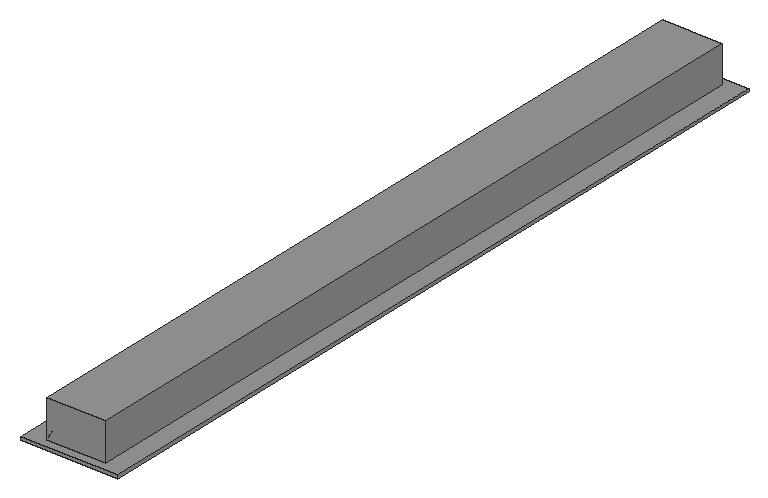
Revit family "RHK2_63_UN_Inlay LED_ETK", category Lighting Fixtures, Revit 2019
Family settings
  Round Connector Dimension = Use Diameter
  Part Type = Normal
  OmniClass Number = 23.80.70.11.14.11
  OmniClass Title = Downlights
  Work Plane-Based = No
  Always vertical = Yes
  Cut with Voids When Loaded = No
  Light Source = No
  Shared = No
  Room Calculation Point = Yes
Parameters (values of type "RHK.2000.15 - 16W / 2200lm / 3000K")
  Width = 148 mm
  Wattage Comments = "16W"
  Voltage = 230 V
  URL = "https://www.etk.nl/producten/rhk-2/"
  Symbol_Width = Width / 100  # 1.48 mm
  Symbol_Scaleable [instance] = no
  Symbol_Length = Length / 100  # 11.97 mm
  Symbol_Emergency Lighting [instance] = no
  Switch Code [instance] = ""
  Reflectors = Length / 45 mm  # 27
  Model = "RHK.2"
  Manufacturer = "ETK licht B.V."
  Luminaire_Body_Material = Plastic, Opaque White
  Luminaire Code [instance] = ""
  Light Source = RHK.2 - Lightsource : RHK.2000.15 - 16W / 2200lm / 3000K
  Length = 1197 mm
  Lamp = "LED"
  IfcExportType = "USERDEFINED"
  IfcExportAs = "IfcLightFixtureType"
  Description = "Recessed/inlay LED"
  Copyright © IVLighting = "www.ivlighting.nl"
  Assembly Code = "63.0"
  Apparent Load = 16 VA
Types (8, lengths in mm): name | Wattage Comments | Symbol_Scaleable | Symbol_Length | Reflectors | Light Source | Length | Apparent Load
  RHK.2000.15 - 16W / 2200lm / 3000K | "16W" | no | 11.97 | 27 | RHK.2 - Lightsource : RHK.2000.15 - 16W / 2200lm / 3000K | 1197 | 16 VA
  RHK.2100.15 - 16W / 2300lm / 4000K | "16W" | yes | 11.97 | 27 | RHK.2 - Lightsource : RHK.2100.15 - 16W / 2300lm / 4000K | 1197 | 16 VA
  RHK.2200.15 - 31W / 4000lm / 3000K | "31W" | yes | 11.97 | 27 | RHK.2 - Lightsource : RHK.2200.15 - 31W / 4000lm / 3000K | 1197 | 31 VA
  RHK.2300.15 - 31W / 4200lm / 4000K | "31W" | yes | 11.97 | 27 | RHK.2 - Lightsource : RHK.2300.15 - 31W / 4200lm / 4000K | 1197 | 31 VA
  RHK.2400.15 - 37W / 4850lm / 3000K | "37W" | yes | 14.7 | 33 | RHK.2 - Lightsource : RHK.2400.15 - 37W / 4850lm / 3000K | 1470 | 37 VA
  RHK.2500.15 - 37W / 5100lm / 4000K | "37W" | yes | 14.7 | 33 | RHK.2 - Lightsource : RHK.2500.15 - 37W / 5100lm / 4000K | 1470 | 37 VA
  RHK.2600.15 - 48W / 6250lm / 3000K | "37W" | yes | 14.7 | 33 | RHK.2 - Lightsource : RHK.2600.15 - 48W / 6250lm / 3000K | 1470 | 37 VA
  RHK.2700.15 - 48W / 6550lm / 4000K | "37W" | yes | 14.7 | 33 | RHK.2 - Lightsource : RHK.2700.15 - 48W / 6550lm / 4000K | 1470 | 37 VA
Reference planes
  plane 1 "Center (Front/Back)": y = 0
  plane 2: z = 0
  plane 3 "Center (Left/Right)": x = 0
  plane 4: y = 585
  plane 5: x = 74
  plane 6: y = -585
  plane 7: x = -74
  plane 8: y = -598.5
  plane 9: y = 598.5
  plane 10: x = 44.781
  plane 11: x = -44.781
  plane 12: y = -583
  plane 13: y = 583
Forms (mm)
  Revolve 1, solid, material "PPS Plastic", not visible
    sketch origin (0, 0, 0) x (1, 0, 0) y (0, 0, 1)
      loop
        line (-108.916, 0) -> (-108.916, -4.099)
        arc (-108.916, -4.099) -> (-108.406, -4.931) -> (-107.486, -5.258) r 1.461
        line (-107.486, -5.258) -> (-97.804, -5.258) -> (-97.804, 0) -> (-108.916, 0)
      axis (0, 0) -> (0, -5.258)
    angle from 0 to 360
  Revolve 2, solid, material "Plastic, Opaque White" <- "Luminaire_Body_Material", not visible
    sketch origin (0, 0, 0) x (1, 0, 0) y (0, 0, 1)
      loop
        line (-98.741, 0) -> (-97.8, 0) -> (-97.8, 10.593) -> (-90.959, 10.593) -> (-90.959, 14.711) -> (-83.412, 14.711) -> (-83.412, 30.415)
        arc (-83.412, 30.415) -> (-77.825, 42.741) -> (-69.855, 53.677) r 66.418
        line (-69.855, 53.677) -> (-69.855, 60.129) -> (-63.553, 60.129) -> (0, 60.129) -> (0, 61.129) -> (-63.553, 61.129) -> (-69.836, 61.129)
        arc (-69.836, 61.129) -> (-70.557, 60.83) -> (-70.855, 60.109) r 1.02
        line (-70.855, 60.109) -> (-70.855, 54.484)
        arc (-70.855, 54.484) -> (-70.927, 54.088) -> (-71.134, 53.743) r 1.124
        arc (-71.134, 53.743) -> (-77.774, 44.767) -> (-82.842, 34.818) r 67.418
        arc (-82.842, 34.818) -> (-84.016, 30.901) -> (-84.412, 26.83) r 21.103
        line (-84.412, 26.83) -> (-84.412, 16.663)
        arc (-84.412, 16.663) -> (-84.691, 15.989) -> (-85.364, 15.711) r 0.952
        line (-85.364, 15.711) -> (-91.959, 15.711) -> (-91.959, 12.616)
        arc (-91.959, 12.616) -> (-92.258, 11.893) -> (-92.981, 11.593) r 1.022
        line (-92.981, 11.593) -> (-97.697, 11.593)
        arc (-97.697, 11.593) -> (-98.435, 11.287) -> (-98.741, 10.549) r 1.045
        line (-98.741, 10.549) -> (-98.741, 0)
      axis (0, 61.129) -> (0, 0)
    angle from 0 to 360
  Revolve 3, solid, material "Plastic, Opaque White" <- "Luminaire_Body_Material", not visible
    sketch origin (0, 0, 0) x (1, 0, 0) y (0, 0, 1)
      loop
        arc (-36.339, 86.471) -> (-49.965, 76.024) -> (-61.793, 63.579) r 109.701
        arc (-61.793, 63.579) -> (-62.487, 62.326) -> (-62.707, 60.91) r 4.094
        line (-62.707, 60.91) -> (0, 60.91) -> (0, 86.471) -> (-36.339, 86.471)
      axis (0, 86.471) -> (0, 60.91)
    angle from 0 to 360
  Extrusion 4, solid, material "Plastic, Opaque White" <- "Luminaire_Body_Material", not visible
    sketch origin (0, 0, 0) x (1, 0, 0) y (0, 1, 0)
      loop
        circle (0, 0) r 45
    from 86.471 to 87.3
  Extrusion 5, solid, material "UHMW, Black", not visible
    sketch origin (0, 0, 195.137) x (-1, 0, 0) y (0, -1, 0)
      loop
        line (-0.938, -10.632) -> (-0.938, -44.99)
        arc (-0.938, -44.99) -> (0, -45) -> (0.938, -44.99) r 45
        line (0.938, -44.99) -> (0.938, -10.681)
        arc (0.938, -10.681) -> (0, -10.671) -> (-0.938, -10.632) r 29.304
    from -107.837 to -82.548
  Extrusion 6, solid, material "UHMW, Black", not visible
    sketch origin (0, 0, 195.137) x (-0.978148, -0.207912, 0) y (0.207912, -0.978148, 0)
      loop
        line (-0.938, -10.632) -> (-0.938, -44.99)
        arc (-0.938, -44.99) -> (0, -45) -> (0.938, -44.99) r 45
        line (0.938, -44.99) -> (0.938, -10.681)
        arc (0.938, -10.681) -> (0, -10.671) -> (-0.938, -10.632) r 29.304
    from -107.837 to -82.548
  Extrusion 7, solid, material "UHMW, Black", not visible
    sketch origin (0, 0, 195.137) x (-0.978148, 0.207912, 0) y (-0.207912, -0.978148, 0)
      loop
        line (-0.938, -10.632) -> (-0.938, -44.99)
        arc (-0.938, -44.99) -> (0, -45) -> (0.938, -44.99) r 45
        line (0.938, -44.99) -> (0.938, -10.681)
        arc (0.938, -10.681) -> (0, -10.671) -> (-0.938, -10.632) r 29.304
    from -107.837 to -82.548
  Extrusion 8, solid, material "UHMW, Black", not visible
    sketch origin (0, 0, 195.137) x (-0.913545, 0.406737, 0) y (-0.406737, -0.913545, 0)
      loop
        line (-0.938, -10.632) -> (-0.938, -44.99)
        arc (-0.938, -44.99) -> (0, -45) -> (0.938, -44.99) r 45
        line (0.938, -44.99) -> (0.938, -10.681)
        arc (0.938, -10.681) -> (0, -10.671) -> (-0.938, -10.632) r 29.304
    from -107.837 to -82.548
  Extrusion 9, solid, material "UHMW, Black", not visible
    sketch origin (0, 0, 195.137) x (-0.809017, 0.587785, 0) y (-0.587785, -0.809017, 0)
      loop
        line (-0.938, -10.632) -> (-0.938, -44.99)
        arc (-0.938, -44.99) -> (0, -45) -> (0.938, -44.99) r 45
        line (0.938, -44.99) -> (0.938, -10.681)
        arc (0.938, -10.681) -> (0, -10.671) -> (-0.938, -10.632) r 29.304
    from -107.837 to -82.548
  Extrusion 10, solid, material "UHMW, Black", not visible
    sketch origin (0, 0, 195.137) x (-0.669131, 0.743145, 0) y (-0.743145, -0.669131, 0)
      loop
        line (-0.938, -10.632) -> (-0.938, -44.99)
        arc (-0.938, -44.99) -> (0, -45) -> (0.938, -44.99) r 45
        line (0.938, -44.99) -> (0.938, -10.681)
        arc (0.938, -10.681) -> (0, -10.671) -> (-0.938, -10.632) r 29.304
    from -107.837 to -82.548
  Extrusion 11, solid, material "UHMW, Black", not visible
    sketch origin (0, 0, 195.137) x (-0.5, 0.866025, 0) y (-0.866025, -0.5, 0)
      loop
        line (-0.938, -10.632) -> (-0.938, -44.99)
        arc (-0.938, -44.99) -> (0, -45) -> (0.938, -44.99) r 45
        line (0.938, -44.99) -> (0.938, -10.681)
        arc (0.938, -10.681) -> (0, -10.671) -> (-0.938, -10.632) r 29.304
    from -107.837 to -82.548
  Extrusion 12, solid, material "UHMW, Black", not visible
    sketch origin (0, 0, 195.137) x (-0.309017, 0.951057, 0) y (-0.951057, -0.309017, 0)
      loop
        line (-0.938, -10.632) -> (-0.938, -44.99)
        arc (-0.938, -44.99) -> (0, -45) -> (0.938, -44.99) r 45
        line (0.938, -44.99) -> (0.938, -10.681)
        arc (0.938, -10.681) -> (0, -10.671) -> (-0.938, -10.632) r 29.304
    from -107.837 to -82.548
  Extrusion 13, solid, material "UHMW, Black", not visible
    sketch origin (0, 0, 195.137) x (-0.104528, 0.994522, 0) y (-0.994522, -0.104528, 0)
      loop
        line (-0.938, -10.632) -> (-0.938, -44.99)
        arc (-0.938, -44.99) -> (0, -45) -> (0.938, -44.99) r 45
        line (0.938, -44.99) -> (0.938, -10.681)
        arc (0.938, -10.681) -> (0, -10.671) -> (-0.938, -10.632) r 29.304
    from -107.837 to -82.548
  Extrusion 14, solid, material "UHMW, Black", not visible
    sketch origin (0, 0, 195.137) x (0.104528, 0.994522, 0) y (-0.994522, 0.104528, 0)
      loop
        line (-0.938, -10.632) -> (-0.938, -44.99)
        arc (-0.938, -44.99) -> (0, -45) -> (0.938, -44.99) r 45
        line (0.938, -44.99) -> (0.938, -10.681)
        arc (0.938, -10.681) -> (0, -10.671) -> (-0.938, -10.632) r 29.304
    from -107.837 to -82.548
  Extrusion 15, solid, material "UHMW, Black", not visible
    sketch origin (0, 0, 195.137) x (0.309017, 0.951057, 0) y (-0.951057, 0.309017, 0)
      loop
        line (-0.938, -10.632) -> (-0.938, -44.99)
        arc (-0.938, -44.99) -> (0, -45) -> (0.938, -44.99) r 45
        line (0.938, -44.99) -> (0.938, -10.681)
        arc (0.938, -10.681) -> (0, -10.671) -> (-0.938, -10.632) r 29.304
    from -107.837 to -82.548
  Extrusion 16, solid, material "UHMW, Black", not visible
    sketch origin (0, 0, 195.137) x (0.5, 0.866025, 0) y (-0.866025, 0.5, 0)
      loop
        line (-0.938, -10.632) -> (-0.938, -44.99)
        arc (-0.938, -44.99) -> (0, -45) -> (0.938, -44.99) r 45
        line (0.938, -44.99) -> (0.938, -10.681)
        arc (0.938, -10.681) -> (0, -10.671) -> (-0.938, -10.632) r 29.304
    from -107.837 to -82.548
  Extrusion 17, solid, material "UHMW, Black", not visible
    sketch origin (0, 0, 195.137) x (0.669131, 0.743145, 0) y (-0.743145, 0.669131, 0)
      loop
        line (-0.938, -10.632) -> (-0.938, -44.99)
        arc (-0.938, -44.99) -> (0, -45) -> (0.938, -44.99) r 45
        line (0.938, -44.99) -> (0.938, -10.681)
        arc (0.938, -10.681) -> (0, -10.671) -> (-0.938, -10.632) r 29.304
    from -107.837 to -82.548
  Extrusion 18, solid, material "UHMW, Black", not visible
    sketch origin (0, 0, 195.137) x (0.809017, 0.587785, 0) y (-0.587785, 0.809017, 0)
      loop
        line (-0.938, -10.632) -> (-0.938, -44.99)
        arc (-0.938, -44.99) -> (0, -45) -> (0.938, -44.99) r 45
        line (0.938, -44.99) -> (0.938, -10.681)
        arc (0.938, -10.681) -> (0, -10.671) -> (-0.938, -10.632) r 29.304
    from -107.837 to -82.548
  Extrusion 19, solid, material "UHMW, Black", not visible
    sketch origin (0, 0, 195.137) x (0.913545, 0.406737, 0) y (-0.406737, 0.913545, 0)
      loop
        line (-0.938, -10.632) -> (-0.938, -44.99)
        arc (-0.938, -44.99) -> (0, -45) -> (0.938, -44.99) r 45
        line (0.938, -44.99) -> (0.938, -10.681)
        arc (0.938, -10.681) -> (0, -10.671) -> (-0.938, -10.632) r 29.304
    from -107.837 to -82.548
  Extrusion 20, solid, material "UHMW, Black", not visible
    sketch origin (0, 0, 195.137) x (0.978148, 0.207912, 0) y (-0.207912, 0.978148, 0)
      loop
        line (-0.938, -10.632) -> (-0.938, -44.99)
        arc (-0.938, -44.99) -> (0, -45) -> (0.938, -44.99) r 45
        line (0.938, -44.99) -> (0.938, -10.681)
        arc (0.938, -10.681) -> (0, -10.671) -> (-0.938, -10.632) r 29.304
    from -107.837 to -82.548
  Extrusion 21, solid, material "UHMW, Black", not visible
    sketch origin (0, 0, 195.137) x (1, 0, 0) y (0, 1, 0)
      loop
        line (-0.938, -10.632) -> (-0.938, -44.99)
        arc (-0.938, -44.99) -> (0, -45) -> (0.938, -44.99) r 45
        line (0.938, -44.99) -> (0.938, -10.681)
        arc (0.938, -10.681) -> (0, -10.671) -> (-0.938, -10.632) r 29.304
    from -107.837 to -82.548
  Extrusion 22, solid, material "UHMW, Black", not visible
    sketch origin (0, 0, 195.137) x (0.978148, -0.207912, 0) y (0.207912, 0.978148, 0)
      loop
        line (-0.938, -10.632) -> (-0.938, -44.99)
        arc (-0.938, -44.99) -> (0, -45) -> (0.938, -44.99) r 45
        line (0.938, -44.99) -> (0.938, -10.681)
        arc (0.938, -10.681) -> (0, -10.671) -> (-0.938, -10.632) r 29.304
    from -107.837 to -82.548
  Extrusion 23, solid, material "UHMW, Black", not visible
    sketch origin (0, 0, 195.137) x (0.913545, -0.406737, 0) y (0.406737, 0.913545, 0)
      loop
        line (-0.938, -10.632) -> (-0.938, -44.99)
        arc (-0.938, -44.99) -> (0, -45) -> (0.938, -44.99) r 45
        line (0.938, -44.99) -> (0.938, -10.681)
        arc (0.938, -10.681) -> (0, -10.671) -> (-0.938, -10.632) r 29.304
    from -107.837 to -82.548
  Extrusion 24, solid, material "UHMW, Black", not visible
    sketch origin (0, 0, 195.137) x (0.809017, -0.587785, 0) y (0.587785, 0.809017, 0)
      loop
        line (-0.938, -10.632) -> (-0.938, -44.99)
        arc (-0.938, -44.99) -> (0, -45) -> (0.938, -44.99) r 45
        line (0.938, -44.99) -> (0.938, -10.681)
        arc (0.938, -10.681) -> (0, -10.671) -> (-0.938, -10.632) r 29.304
    from -107.837 to -82.548
  Extrusion 25, solid, material "UHMW, Black", not visible
    sketch origin (0, 0, 195.137) x (0.669131, -0.743145, 0) y (0.743145, 0.669131, 0)
      loop
        line (-0.938, -10.632) -> (-0.938, -44.99)
        arc (-0.938, -44.99) -> (0, -45) -> (0.938, -44.99) r 45
        line (0.938, -44.99) -> (0.938, -10.681)
        arc (0.938, -10.681) -> (0, -10.671) -> (-0.938, -10.632) r 29.304
    from -107.837 to -82.548
  Extrusion 26, solid, material "UHMW, Black", not visible
    sketch origin (0, 0, 195.137) x (0.5, -0.866025, 0) y (0.866025, 0.5, 0)
      loop
        line (-0.938, -10.632) -> (-0.938, -44.99)
        arc (-0.938, -44.99) -> (0, -45) -> (0.938, -44.99) r 45
        line (0.938, -44.99) -> (0.938, -10.681)
        arc (0.938, -10.681) -> (0, -10.671) -> (-0.938, -10.632) r 29.304
    from -107.837 to -82.548
  Extrusion 27, solid, material "UHMW, Black", not visible
    sketch origin (0, 0, 195.137) x (0.309017, -0.951057, 0) y (0.951057, 0.309017, 0)
      loop
        line (-0.938, -10.632) -> (-0.938, -44.99)
        arc (-0.938, -44.99) -> (0, -45) -> (0.938, -44.99) r 45
        line (0.938, -44.99) -> (0.938, -10.681)
        arc (0.938, -10.681) -> (0, -10.671) -> (-0.938, -10.632) r 29.304
    from -107.837 to -82.548
  Extrusion 28, solid, material "UHMW, Black", not visible
    sketch origin (0, 0, 195.137) x (0.104528, -0.994522, 0) y (0.994522, 0.104528, 0)
      loop
        line (-0.938, -10.632) -> (-0.938, -44.99)
        arc (-0.938, -44.99) -> (0, -45) -> (0.938, -44.99) r 45
        line (0.938, -44.99) -> (0.938, -10.681)
        arc (0.938, -10.681) -> (0, -10.671) -> (-0.938, -10.632) r 29.304
    from -107.837 to -82.548
  Extrusion 29, solid, material "UHMW, Black", not visible
    sketch origin (0, 0, 195.137) x (-0.104528, -0.994522, 0) y (0.994522, -0.104528, 0)
      loop
        line (-0.938, -10.632) -> (-0.938, -44.99)
        arc (-0.938, -44.99) -> (0, -45) -> (0.938, -44.99) r 45
        line (0.938, -44.99) -> (0.938, -10.681)
        arc (0.938, -10.681) -> (0, -10.671) -> (-0.938, -10.632) r 29.304
    from -107.837 to -82.548
  Extrusion 30, solid, material "UHMW, Black", not visible
    sketch origin (0, 0, 195.137) x (-0.309017, -0.951057, 0) y (0.951057, -0.309017, 0)
      loop
        line (-0.938, -10.632) -> (-0.938, -44.99)
        arc (-0.938, -44.99) -> (0, -45) -> (0.938, -44.99) r 45
        line (0.938, -44.99) -> (0.938, -10.681)
        arc (0.938, -10.681) -> (0, -10.671) -> (-0.938, -10.632) r 29.304
    from -107.837 to -82.548
  Extrusion 31, solid, material "UHMW, Black", not visible
    sketch origin (0, 0, 195.137) x (-0.5, -0.866025, 0) y (0.866025, -0.5, 0)
      loop
        line (-0.938, -10.632) -> (-0.938, -44.99)
        arc (-0.938, -44.99) -> (0, -45) -> (0.938, -44.99) r 45
        line (0.938, -44.99) -> (0.938, -10.681)
        arc (0.938, -10.681) -> (0, -10.671) -> (-0.938, -10.632) r 29.304
    from -107.837 to -82.548
  Extrusion 32, solid, material "UHMW, Black", not visible
    sketch origin (0, 0, 195.137) x (-0.669131, -0.743145, 0) y (0.743145, -0.669131, 0)
      loop
        line (-0.938, -10.632) -> (-0.938, -44.99)
        arc (-0.938, -44.99) -> (0, -45) -> (0.938, -44.99) r 45
        line (0.938, -44.99) -> (0.938, -10.681)
        arc (0.938, -10.681) -> (0, -10.671) -> (-0.938, -10.632) r 29.304
    from -107.837 to -82.548
  Extrusion 33, solid, material "UHMW, Black", not visible
    sketch origin (0, 0, 195.137) x (-0.809017, -0.587785, 0) y (0.587785, -0.809017, 0)
      loop
        line (-0.938, -10.632) -> (-0.938, -44.99)
        arc (-0.938, -44.99) -> (0, -45) -> (0.938, -44.99) r 45
        line (0.938, -44.99) -> (0.938, -10.681)
        arc (0.938, -10.681) -> (0, -10.671) -> (-0.938, -10.632) r 29.304
    from -107.837 to -82.548
  Extrusion 34, solid, material "UHMW, Black", not visible
    sketch origin (0, 0, 195.137) x (-0.913545, -0.406737, 0) y (0.406737, -0.913545, 0)
      loop
        line (-0.938, -10.632) -> (-0.938, -44.99)
        arc (-0.938, -44.99) -> (0, -45) -> (0.938, -44.99) r 45
        line (0.938, -44.99) -> (0.938, -10.681)
        arc (0.938, -10.681) -> (0, -10.671) -> (-0.938, -10.632) r 29.304
    from -107.837 to -82.548
  Extrusion 35, solid, material "Plastic, Opaque White" <- "Luminaire_Body_Material", not visible
    sketch origin (0.938, 0, 0) x (1, 0, 0) y (0, 0, 1)
      loop
        line (-90.709, 14.711) -> (-89.709, 14.711) -> (-89.709, 47.263)
        arc (-89.709, 47.263) -> (-89.547, 48.318) -> (-89.074, 49.276) r 3.51
        line (-89.074, 49.276) -> (-63.792, 85.382)
        arc (-63.792, 85.382) -> (-62.879, 86.183) -> (-61.7, 86.471) r 2.554
        line (-61.7, 86.471) -> (-36.836, 86.471) -> (-36.836, 87.3) -> (-62.068, 87.3)
        arc (-62.068, 87.3) -> (-63.489, 86.952) -> (-64.589, 85.988) r 3.078
        line (-64.589, 85.988) -> (-90.082, 49.58)
        arc (-90.082, 49.58) -> (-90.549, 48.634) -> (-90.709, 47.591) r 3.468
        line (-90.709, 47.591) -> (-90.709, 14.711)
    from -18.722 to 17.678
  Extrusion 36, solid, material "Plastic, Opaque White" <- "Luminaire_Body_Material", not visible
    sketch origin (-0.938, 0, 0) x (-1, 0, 0) y (0, 0, -1)
      loop
        line (-90.709, -14.711) -> (-90.709, -47.591)
        arc (-90.709, -47.591) -> (-90.549, -48.634) -> (-90.082, -49.58) r 3.468
        line (-90.082, -49.58) -> (-64.589, -85.988)
        arc (-64.589, -85.988) -> (-63.489, -86.952) -> (-62.068, -87.3) r 3.078
        line (-62.068, -87.3) -> (-36.836, -87.3) -> (-36.836, -86.471) -> (-61.7, -86.471)
        arc (-61.7, -86.471) -> (-62.879, -86.183) -> (-63.792, -85.382) r 2.554
        line (-63.792, -85.382) -> (-89.074, -49.276)
        arc (-89.074, -49.276) -> (-89.547, -48.318) -> (-89.709, -47.263) r 3.51
        line (-89.709, -47.263) -> (-89.709, -14.711) -> (-90.709, -14.711)
    from -18.722 to 17.678
  Revolve 37, solid, material "PPS Plastic", not visible
    sketch origin (0, 0, 0) x (1, 0, 0) y (0, 0, 1)
      loop
        arc (-61.908, 31.25) -> (-81.159, 16.629) -> (-98.212, -0.504) r 175.119
        line (-98.212, -0.504) -> (-98.212, -1.729)
        arc (-98.212, -1.729) -> (-81.093, 15.622) -> (-61.721, 30.415) r 174.319
        line (-61.721, 30.415) -> (0, 30.415) -> (0, 31.25) -> (-61.908, 31.25)
      axis (0, 31.25) -> (0, -1.729)
    angle from 0 to 360
  Revolve 38, solid, material "Glass, White, High Luminance", not visible
    sketch origin (0, 0, 0) x (1, 0, 0) y (0, 0, 1)
      loop
        line (-63.082, 29.507) -> (0, 29.507) -> (0, 30.415) -> (-61.721, 30.415)
        arc (-61.721, 30.415) -> (-62.416, 29.983) -> (-63.082, 29.507) r 12.642
      axis (0, 30.415) -> (0, 29.415)
    angle from 0 to 360
  Extrusion 39, solid, material "Plastic, Opaque White" <- "Luminaire_Body_Material"
    sketch origin (0, 0, 0) x (1, 0, 0) y (0, 1, 0)
      loop
        line (-44.781, 585) -> (-44.781, -585) -> (44.781, -585) -> (44.781, 585) -> (-44.781, 585)
    from 0 to 57
  Extrusion 40, solid, material "Plastic, Opaque White" <- "Luminaire_Body_Material"
    sketch origin (0, 0, 0) x (1, 0, 0) y (0, 1, 0)
      loop
        line (-74, -598.5) -> (74, -598.5) -> (74, 598.5) -> (-74, 598.5) -> (-74, -598.5)
    from -5 to 0
  Extrusion 41, void
    sketch origin (0, 0, 0) x (1, 0, 0) y (0, 0, 1)
      loop
        line (-44.781, -10) -> (44.781, -10)
        arc (44.781, -10) -> (0, 34.781) -> (-44.781, -10) r 44.781
    from -583 to 583
  Extrusion 42, solid, material "Plastic, Opaque White" <- "Luminaire_Body_Material"
    sketch origin (0, 1.217, 0) x (1, 0, 0) y (0, 0, 1)
      loop
        line (-44.66, -6.712) -> (44.66, -6.712)
        arc (44.66, -6.712) -> (42.857, 2.985) -> (38.975, 12.052) r 44.781
        line (38.975, 12.052) -> (-38.975, 12.052)
        arc (-38.975, 12.052) -> (-42.857, 2.985) -> (-44.66, -6.712) r 44.781
    from 537.516 to 539.5
  Extrusion 43, solid, material "Plastic, Opaque White" <- "Luminaire_Body_Material"
    sketch origin (0, 1075.516, 0) x (1, 0, 0) y (0, 0, 1)
      loop
        line (-44.66, -6.712) -> (44.66, -6.712)
        arc (44.66, -6.712) -> (42.857, 2.985) -> (38.975, 12.052) r 44.781
        line (38.975, 12.052) -> (-38.975, 12.052)
        arc (-38.975, 12.052) -> (-42.857, 2.985) -> (-44.66, -6.712) r 44.781
    from 537.516 to 539.5
  Extrusion 44, solid, material "Plastic, Opaque White" <- "Luminaire_Body_Material"
    sketch origin (0, 42.536, 0) x (1, 0, 0) y (0, 0, 1)
      loop
        line (-44.66, -6.712) -> (44.66, -6.712)
        arc (44.66, -6.712) -> (42.857, 2.985) -> (38.975, 12.052) r 44.781
        line (38.975, 12.052) -> (-38.975, 12.052)
        arc (-38.975, 12.052) -> (-42.857, 2.985) -> (-44.66, -6.712) r 44.781
    from 537.516 to 539.5
  Extrusion 45, solid, material "Plastic, Opaque White" <- "Luminaire_Body_Material"
    sketch origin (0, 83.855, 0) x (1, 0, 0) y (0, 0, 1)
      loop
        line (-44.66, -6.712) -> (44.66, -6.712)
        arc (44.66, -6.712) -> (42.857, 2.985) -> (38.975, 12.052) r 44.781
        line (38.975, 12.052) -> (-38.975, 12.052)
        arc (-38.975, 12.052) -> (-42.857, 2.985) -> (-44.66, -6.712) r 44.781
    from 537.516 to 539.5
  Extrusion 46, solid, material "Plastic, Opaque White" <- "Luminaire_Body_Material"
    sketch origin (0, 125.174, 0) x (1, 0, 0) y (0, 0, 1)
      loop
        line (-44.66, -6.712) -> (44.66, -6.712)
        arc (44.66, -6.712) -> (42.857, 2.985) -> (38.975, 12.052) r 44.781
        line (38.975, 12.052) -> (-38.975, 12.052)
        arc (-38.975, 12.052) -> (-42.857, 2.985) -> (-44.66, -6.712) r 44.781
    from 537.516 to 539.5
  Extrusion 47, solid, material "Plastic, Opaque White" <- "Luminaire_Body_Material"
    sketch origin (0, 166.494, 0) x (1, 0, 0) y (0, 0, 1)
      loop
        line (-44.66, -6.712) -> (44.66, -6.712)
        arc (44.66, -6.712) -> (42.857, 2.985) -> (38.975, 12.052) r 44.781
        line (38.975, 12.052) -> (-38.975, 12.052)
        arc (-38.975, 12.052) -> (-42.857, 2.985) -> (-44.66, -6.712) r 44.781
    from 537.516 to 539.5
  Extrusion 48, solid, material "Plastic, Opaque White" <- "Luminaire_Body_Material"
    sketch origin (0, 207.813, 0) x (1, 0, 0) y (0, 0, 1)
      loop
        line (-44.66, -6.712) -> (44.66, -6.712)
        arc (44.66, -6.712) -> (42.857, 2.985) -> (38.975, 12.052) r 44.781
        line (38.975, 12.052) -> (-38.975, 12.052)
        arc (-38.975, 12.052) -> (-42.857, 2.985) -> (-44.66, -6.712) r 44.781
    from 537.516 to 539.5
  Extrusion 49, solid, material "Plastic, Opaque White" <- "Luminaire_Body_Material"
    sketch origin (0, 249.132, 0) x (1, 0, 0) y (0, 0, 1)
      loop
        line (-44.66, -6.712) -> (44.66, -6.712)
        arc (44.66, -6.712) -> (42.857, 2.985) -> (38.975, 12.052) r 44.781
        line (38.975, 12.052) -> (-38.975, 12.052)
        arc (-38.975, 12.052) -> (-42.857, 2.985) -> (-44.66, -6.712) r 44.781
    from 537.516 to 539.5
  Extrusion 50, solid, material "Plastic, Opaque White" <- "Luminaire_Body_Material"
    sketch origin (0, 290.451, 0) x (1, 0, 0) y (0, 0, 1)
      loop
        line (-44.66, -6.712) -> (44.66, -6.712)
        arc (44.66, -6.712) -> (42.857, 2.985) -> (38.975, 12.052) r 44.781
        line (38.975, 12.052) -> (-38.975, 12.052)
        arc (-38.975, 12.052) -> (-42.857, 2.985) -> (-44.66, -6.712) r 44.781
    from 537.516 to 539.5
  Extrusion 51, solid, material "Plastic, Opaque White" <- "Luminaire_Body_Material"
    sketch origin (0, 331.77, 0) x (1, 0, 0) y (0, 0, 1)
      loop
        line (-44.66, -6.712) -> (44.66, -6.712)
        arc (44.66, -6.712) -> (42.857, 2.985) -> (38.975, 12.052) r 44.781
        line (38.975, 12.052) -> (-38.975, 12.052)
        arc (-38.975, 12.052) -> (-42.857, 2.985) -> (-44.66, -6.712) r 44.781
    from 537.516 to 539.5
  Extrusion 52, solid, material "Plastic, Opaque White" <- "Luminaire_Body_Material"
    sketch origin (0, 373.09, 0) x (1, 0, 0) y (0, 0, 1)
      loop
        line (-44.66, -6.712) -> (44.66, -6.712)
        arc (44.66, -6.712) -> (42.857, 2.985) -> (38.975, 12.052) r 44.781
        line (38.975, 12.052) -> (-38.975, 12.052)
        arc (-38.975, 12.052) -> (-42.857, 2.985) -> (-44.66, -6.712) r 44.781
    from 537.516 to 539.5
  Extrusion 53, solid, material "Plastic, Opaque White" <- "Luminaire_Body_Material"
    sketch origin (0, 414.409, 0) x (1, 0, 0) y (0, 0, 1)
      loop
        line (-44.66, -6.712) -> (44.66, -6.712)
        arc (44.66, -6.712) -> (42.857, 2.985) -> (38.975, 12.052) r 44.781
        line (38.975, 12.052) -> (-38.975, 12.052)
        arc (-38.975, 12.052) -> (-42.857, 2.985) -> (-44.66, -6.712) r 44.781
    from 537.516 to 539.5
  Extrusion 54, solid, material "Plastic, Opaque White" <- "Luminaire_Body_Material"
    sketch origin (0, 455.728, 0) x (1, 0, 0) y (0, 0, 1)
      loop
        line (-44.66, -6.712) -> (44.66, -6.712)
        arc (44.66, -6.712) -> (42.857, 2.985) -> (38.975, 12.052) r 44.781
        line (38.975, 12.052) -> (-38.975, 12.052)
        arc (-38.975, 12.052) -> (-42.857, 2.985) -> (-44.66, -6.712) r 44.781
    from 537.516 to 539.5
  Extrusion 55, solid, material "Plastic, Opaque White" <- "Luminaire_Body_Material"
    sketch origin (0, 497.047, 0) x (1, 0, 0) y (0, 0, 1)
      loop
        line (-44.66, -6.712) -> (44.66, -6.712)
        arc (44.66, -6.712) -> (42.857, 2.985) -> (38.975, 12.052) r 44.781
        line (38.975, 12.052) -> (-38.975, 12.052)
        arc (-38.975, 12.052) -> (-42.857, 2.985) -> (-44.66, -6.712) r 44.781
    from 537.516 to 539.5
  Extrusion 56, solid, material "Plastic, Opaque White" <- "Luminaire_Body_Material"
    sketch origin (0, 538.366, 0) x (1, 0, 0) y (0, 0, 1)
      loop
        line (-44.66, -6.712) -> (44.66, -6.712)
        arc (44.66, -6.712) -> (42.857, 2.985) -> (38.975, 12.052) r 44.781
        line (38.975, 12.052) -> (-38.975, 12.052)
        arc (-38.975, 12.052) -> (-42.857, 2.985) -> (-44.66, -6.712) r 44.781
    from 537.516 to 539.5
  Extrusion 57, solid, material "Plastic, Opaque White" <- "Luminaire_Body_Material"
    sketch origin (0, 579.686, 0) x (1, 0, 0) y (0, 0, 1)
      loop
        line (-44.66, -6.712) -> (44.66, -6.712)
        arc (44.66, -6.712) -> (42.857, 2.985) -> (38.975, 12.052) r 44.781
        line (38.975, 12.052) -> (-38.975, 12.052)
        arc (-38.975, 12.052) -> (-42.857, 2.985) -> (-44.66, -6.712) r 44.781
    from 537.516 to 539.5
  Extrusion 58, solid, material "Plastic, Opaque White" <- "Luminaire_Body_Material"
    sketch origin (0, 621.005, 0) x (1, 0, 0) y (0, 0, 1)
      loop
        line (-44.66, -6.712) -> (44.66, -6.712)
        arc (44.66, -6.712) -> (42.857, 2.985) -> (38.975, 12.052) r 44.781
        line (38.975, 12.052) -> (-38.975, 12.052)
        arc (-38.975, 12.052) -> (-42.857, 2.985) -> (-44.66, -6.712) r 44.781
    from 537.516 to 539.5
  Extrusion 59, solid, material "Plastic, Opaque White" <- "Luminaire_Body_Material"
    sketch origin (0, 662.324, 0) x (1, 0, 0) y (0, 0, 1)
      loop
        line (-44.66, -6.712) -> (44.66, -6.712)
        arc (44.66, -6.712) -> (42.857, 2.985) -> (38.975, 12.052) r 44.781
        line (38.975, 12.052) -> (-38.975, 12.052)
        arc (-38.975, 12.052) -> (-42.857, 2.985) -> (-44.66, -6.712) r 44.781
    from 537.516 to 539.5
  Extrusion 60, solid, material "Plastic, Opaque White" <- "Luminaire_Body_Material"
    sketch origin (0, 703.643, 0) x (1, 0, 0) y (0, 0, 1)
      loop
        line (-44.66, -6.712) -> (44.66, -6.712)
        arc (44.66, -6.712) -> (42.857, 2.985) -> (38.975, 12.052) r 44.781
        line (38.975, 12.052) -> (-38.975, 12.052)
        arc (-38.975, 12.052) -> (-42.857, 2.985) -> (-44.66, -6.712) r 44.781
    from 537.516 to 539.5
  Extrusion 61, solid, material "Plastic, Opaque White" <- "Luminaire_Body_Material"
    sketch origin (0, 744.962, 0) x (1, 0, 0) y (0, 0, 1)
      loop
        line (-44.66, -6.712) -> (44.66, -6.712)
        arc (44.66, -6.712) -> (42.857, 2.985) -> (38.975, 12.052) r 44.781
        line (38.975, 12.052) -> (-38.975, 12.052)
        arc (-38.975, 12.052) -> (-42.857, 2.985) -> (-44.66, -6.712) r 44.781
    from 537.516 to 539.5
  Extrusion 62, solid, material "Plastic, Opaque White" <- "Luminaire_Body_Material"
    sketch origin (0, 786.282, 0) x (1, 0, 0) y (0, 0, 1)
      loop
        line (-44.66, -6.712) -> (44.66, -6.712)
        arc (44.66, -6.712) -> (42.857, 2.985) -> (38.975, 12.052) r 44.781
        line (38.975, 12.052) -> (-38.975, 12.052)
        arc (-38.975, 12.052) -> (-42.857, 2.985) -> (-44.66, -6.712) r 44.781
    from 537.516 to 539.5
  Extrusion 63, solid, material "Plastic, Opaque White" <- "Luminaire_Body_Material"
    sketch origin (0, 827.601, 0) x (1, 0, 0) y (0, 0, 1)
      loop
        line (-44.66, -6.712) -> (44.66, -6.712)
        arc (44.66, -6.712) -> (42.857, 2.985) -> (38.975, 12.052) r 44.781
        line (38.975, 12.052) -> (-38.975, 12.052)
        arc (-38.975, 12.052) -> (-42.857, 2.985) -> (-44.66, -6.712) r 44.781
    from 537.516 to 539.5
  Extrusion 64, solid, material "Plastic, Opaque White" <- "Luminaire_Body_Material"
    sketch origin (0, 868.92, 0) x (1, 0, 0) y (0, 0, 1)
      loop
        line (-44.66, -6.712) -> (44.66, -6.712)
        arc (44.66, -6.712) -> (42.857, 2.985) -> (38.975, 12.052) r 44.781
        line (38.975, 12.052) -> (-38.975, 12.052)
        arc (-38.975, 12.052) -> (-42.857, 2.985) -> (-44.66, -6.712) r 44.781
    from 537.516 to 539.5
  Extrusion 65, solid, material "Plastic, Opaque White" <- "Luminaire_Body_Material"
    sketch origin (0, 910.239, 0) x (1, 0, 0) y (0, 0, 1)
      loop
        line (-44.66, -6.712) -> (44.66, -6.712)
        arc (44.66, -6.712) -> (42.857, 2.985) -> (38.975, 12.052) r 44.781
        line (38.975, 12.052) -> (-38.975, 12.052)
        arc (-38.975, 12.052) -> (-42.857, 2.985) -> (-44.66, -6.712) r 44.781
    from 537.516 to 539.5
  Extrusion 66, solid, material "Plastic, Opaque White" <- "Luminaire_Body_Material"
    sketch origin (0, 951.558, 0) x (1, 0, 0) y (0, 0, 1)
      loop
        line (-44.66, -6.712) -> (44.66, -6.712)
        arc (44.66, -6.712) -> (42.857, 2.985) -> (38.975, 12.052) r 44.781
        line (38.975, 12.052) -> (-38.975, 12.052)
        arc (-38.975, 12.052) -> (-42.857, 2.985) -> (-44.66, -6.712) r 44.781
    from 537.516 to 539.5
  Extrusion 67, solid, material "Plastic, Opaque White" <- "Luminaire_Body_Material"
    sketch origin (0, 992.878, 0) x (1, 0, 0) y (0, 0, 1)
      loop
        line (-44.66, -6.712) -> (44.66, -6.712)
        arc (44.66, -6.712) -> (42.857, 2.985) -> (38.975, 12.052) r 44.781
        line (38.975, 12.052) -> (-38.975, 12.052)
        arc (-38.975, 12.052) -> (-42.857, 2.985) -> (-44.66, -6.712) r 44.781
    from 537.516 to 539.5
  Extrusion 68, solid, material "Plastic, Opaque White" <- "Luminaire_Body_Material"
    sketch origin (0, 1034.197, 0) x (1, 0, 0) y (0, 0, 1)
      loop
        line (-44.66, -6.712) -> (44.66, -6.712)
        arc (44.66, -6.712) -> (42.857, 2.985) -> (38.975, 12.052) r 44.781
        line (38.975, 12.052) -> (-38.975, 12.052)
        arc (-38.975, 12.052) -> (-42.857, 2.985) -> (-44.66, -6.712) r 44.781
    from 537.516 to 539.5
  Extrusion 69, solid, material "Glass, White, High Luminance"
    sketch origin (0, 0, 0) x (1, 0, 0) y (0, 1, 0)
      loop
        line (-1.722, 583) -> (-1.722, -583) -> (0, -583) -> (1.722, -583) -> (1.722, 583) -> (0, 583) -> (-1.722, 583)
    from 34.287 to 35.507
Cuts and joins
  Extrusion 41 cuts Extrusion 39
  Extrusion 41 cuts Extrusion 40
  joined: Extrusion 39, Extrusion 40
Dimensions and locks
  equal spacing: Extrusion 39 sketch curve, plane 3 "Center (Left/Right)", Extrusion 39 sketch curve
  locked: plane 6 to plane 8 at 13.5
  locked: plane 4 to plane 9 at 13.5
  "Length": plane 8 to plane 9
  equal spacing: plane 8, plane 1 "Center (Front/Back)", plane 9
  "Width": plane 7 to plane 5
  equal spacing: plane 7, plane 3 "Center (Left/Right)", plane 5
  locked: plane 12 to plane 6 at 2
  locked: plane 13 to plane 4 at 2
  locked: plane 12 to Extrusion 42 at 44.717
  locked: Extrusion 42 to Extrusion 42 at 1.984
  locked: Extrusion 43 to Extrusion 43 at 1.984
  equal spacing: group 2, group 4, group 5, group 6, group 7, group 8, group 9, group 10, group 11, group 12, group 13, group 14, group 15, group 16, group 17, group 18, group 19, group 20, group 21, group 22, group 23, group 24, group 25, group 26, group 27, group 28, group 3  (x3)
  locked: plane 13 to Extrusion 43 at 45
  locked: Extrusion 44 to Extrusion 44 at 1.984
  locked: Extrusion 45 to Extrusion 45 at 1.984
  locked: Extrusion 46 to Extrusion 46 at 1.984
  locked: Extrusion 47 to Extrusion 47 at 1.984
  locked: Extrusion 48 to Extrusion 48 at 1.984
  locked: Extrusion 49 to Extrusion 49 at 1.984
  locked: Extrusion 50 to Extrusion 50 at 1.984
  locked: Extrusion 51 to Extrusion 51 at 1.984
  locked: Extrusion 52 to Extrusion 52 at 1.984
  locked: Extrusion 53 to Extrusion 53 at 1.984
  locked: Extrusion 54 to Extrusion 54 at 1.984
  locked: Extrusion 55 to Extrusion 55 at 1.984
  locked: Extrusion 56 to Extrusion 56 at 1.984
  locked: Extrusion 57 to Extrusion 57 at 1.984
  locked: Extrusion 58 to Extrusion 58 at 1.984
  locked: Extrusion 59 to Extrusion 59 at 1.984
  locked: Extrusion 60 to Extrusion 60 at 1.984
  locked: Extrusion 61 to Extrusion 61 at 1.984
  locked: Extrusion 62 to Extrusion 62 at 1.984
  locked: Extrusion 63 to Extrusion 63 at 1.984
  locked: Extrusion 64 to Extrusion 64 at 1.984
  locked: Extrusion 65 to Extrusion 65 at 1.984
  locked: Extrusion 66 to Extrusion 66 at 1.984
  locked: Extrusion 67 to Extrusion 67 at 1.984
  locked: Extrusion 68 to Extrusion 68 at 1.984
  aligned and locked: level to plane 2
  aligned and locked: Extrusion 41 to plane 13
  aligned and locked: Extrusion 41 to plane 12
  aligned and locked: plane 5 to cut or joined group of Extrusion 39, Extrusion 40, Extrusion 41
  aligned and locked: plane 7 to cut or joined group of Extrusion 39, Extrusion 40, Extrusion 41
  aligned and locked: Extrusion 69 to plane 12
  aligned and locked: Extrusion 69 to plane 13
Automatic sketch dimensions
  Extrusion 39 sketch curve to plane 6 = 0 mm
  Extrusion 39 sketch curve to plane 11 = 0 mm
  plane 4 to Extrusion 39 sketch curve = 0 mm
  Extrusion 40 sketch curve to plane 7 = 0 mm
  Extrusion 40 sketch curve to plane 5 = 0 mm
  Extrusion 40 sketch curve to plane 8 = 0 mm
  plane 9 to Extrusion 40 sketch curve = 0 mm
  plane 11 to Extrusion 41 sketch curve = 0 mm
  Extrusion 41 sketch curve to plane 3 "Center (Left/Right)" = 0 mm
  Extrusion 41 sketch curve to level = 10 mm
  Extrusion 42 sketch curve to Extrusion 42 sketch curve = 0 mm  (x4)
  Extrusion 42 sketch curve to Extrusion 42 sketch curve = 5.685 mm
  Extrusion 42 sketch curve to Extrusion 42 sketch curve = 38.975 mm  (x2)
  Extrusion 42 sketch curve to Extrusion 42 sketch curve = 3.288 mm
  Extrusion 43 sketch curve to Extrusion 43 sketch curve = 0 mm  (x4)
  Extrusion 43 sketch curve to Extrusion 43 sketch curve = 5.685 mm
  Extrusion 43 sketch curve to Extrusion 43 sketch curve = 38.975 mm  (x2)
  Extrusion 43 sketch curve to Extrusion 43 sketch curve = 3.288 mm
  Extrusion 44 sketch curve to Extrusion 44 sketch curve = 0 mm  (x4)
  Extrusion 44 sketch curve to Extrusion 44 sketch curve = 5.685 mm
  Extrusion 44 sketch curve to Extrusion 44 sketch curve = 38.975 mm  (x2)
  Extrusion 44 sketch curve to Extrusion 44 sketch curve = 3.288 mm
  Extrusion 45 sketch curve to Extrusion 45 sketch curve = 0 mm  (x4)
  Extrusion 45 sketch curve to Extrusion 45 sketch curve = 5.685 mm
  Extrusion 45 sketch curve to Extrusion 45 sketch curve = 38.975 mm  (x2)
  Extrusion 45 sketch curve to Extrusion 45 sketch curve = 3.288 mm
  Extrusion 46 sketch curve to Extrusion 46 sketch curve = 0 mm  (x4)
  Extrusion 46 sketch curve to Extrusion 46 sketch curve = 5.685 mm
  Extrusion 46 sketch curve to Extrusion 46 sketch curve = 38.975 mm  (x2)
  Extrusion 46 sketch curve to Extrusion 46 sketch curve = 3.288 mm
  Extrusion 47 sketch curve to Extrusion 47 sketch curve = 0 mm  (x4)
  Extrusion 47 sketch curve to Extrusion 47 sketch curve = 5.685 mm
  Extrusion 47 sketch curve to Extrusion 47 sketch curve = 38.975 mm  (x2)
  Extrusion 47 sketch curve to Extrusion 47 sketch curve = 3.288 mm
  Extrusion 48 sketch curve to Extrusion 48 sketch curve = 0 mm  (x4)
  Extrusion 48 sketch curve to Extrusion 48 sketch curve = 5.685 mm
  Extrusion 48 sketch curve to Extrusion 48 sketch curve = 38.975 mm  (x2)
  Extrusion 48 sketch curve to Extrusion 48 sketch curve = 3.288 mm
  Extrusion 49 sketch curve to Extrusion 49 sketch curve = 0 mm  (x4)
  Extrusion 49 sketch curve to Extrusion 49 sketch curve = 5.685 mm
  Extrusion 49 sketch curve to Extrusion 49 sketch curve = 38.975 mm  (x2)
  Extrusion 49 sketch curve to Extrusion 49 sketch curve = 3.288 mm
  Extrusion 50 sketch curve to Extrusion 50 sketch curve = 0 mm  (x4)
  Extrusion 50 sketch curve to Extrusion 50 sketch curve = 5.685 mm
  Extrusion 50 sketch curve to Extrusion 50 sketch curve = 38.975 mm  (x2)
  Extrusion 50 sketch curve to Extrusion 50 sketch curve = 3.288 mm
  Extrusion 51 sketch curve to Extrusion 51 sketch curve = 0 mm  (x4)
  Extrusion 51 sketch curve to Extrusion 51 sketch curve = 5.685 mm
  Extrusion 51 sketch curve to Extrusion 51 sketch curve = 38.975 mm  (x2)
  Extrusion 51 sketch curve to Extrusion 51 sketch curve = 3.288 mm
  Extrusion 52 sketch curve to Extrusion 52 sketch curve = 0 mm  (x4)
  Extrusion 52 sketch curve to Extrusion 52 sketch curve = 5.685 mm
  Extrusion 52 sketch curve to Extrusion 52 sketch curve = 38.975 mm  (x2)
  Extrusion 52 sketch curve to Extrusion 52 sketch curve = 3.288 mm
  Extrusion 53 sketch curve to Extrusion 53 sketch curve = 0 mm  (x4)
  Extrusion 53 sketch curve to Extrusion 53 sketch curve = 5.685 mm
  Extrusion 53 sketch curve to Extrusion 53 sketch curve = 38.975 mm  (x2)
  Extrusion 53 sketch curve to Extrusion 53 sketch curve = 3.288 mm
  Extrusion 54 sketch curve to Extrusion 54 sketch curve = 0 mm  (x4)
  Extrusion 54 sketch curve to Extrusion 54 sketch curve = 5.685 mm
  Extrusion 54 sketch curve to Extrusion 54 sketch curve = 38.975 mm  (x2)
  Extrusion 54 sketch curve to Extrusion 54 sketch curve = 3.288 mm
  Extrusion 55 sketch curve to Extrusion 55 sketch curve = 0 mm  (x4)
  Extrusion 55 sketch curve to Extrusion 55 sketch curve = 5.685 mm
  Extrusion 55 sketch curve to Extrusion 55 sketch curve = 38.975 mm  (x2)
  Extrusion 55 sketch curve to Extrusion 55 sketch curve = 3.288 mm
  Extrusion 56 sketch curve to Extrusion 56 sketch curve = 0 mm  (x4)
  Extrusion 56 sketch curve to Extrusion 56 sketch curve = 5.685 mm
  Extrusion 56 sketch curve to Extrusion 56 sketch curve = 38.975 mm  (x2)
  Extrusion 56 sketch curve to Extrusion 56 sketch curve = 3.288 mm
  Extrusion 57 sketch curve to Extrusion 57 sketch curve = 0 mm  (x4)
  Extrusion 57 sketch curve to Extrusion 57 sketch curve = 5.685 mm
  Extrusion 57 sketch curve to Extrusion 57 sketch curve = 38.975 mm  (x2)
  Extrusion 57 sketch curve to Extrusion 57 sketch curve = 3.288 mm
  Extrusion 58 sketch curve to Extrusion 58 sketch curve = 0 mm  (x4)
  Extrusion 58 sketch curve to Extrusion 58 sketch curve = 5.685 mm
  Extrusion 58 sketch curve to Extrusion 58 sketch curve = 38.975 mm  (x2)
  Extrusion 58 sketch curve to Extrusion 58 sketch curve = 3.288 mm
  Extrusion 59 sketch curve to Extrusion 59 sketch curve = 0 mm  (x4)
  Extrusion 59 sketch curve to Extrusion 59 sketch curve = 5.685 mm
  Extrusion 59 sketch curve to Extrusion 59 sketch curve = 38.975 mm  (x2)
  Extrusion 59 sketch curve to Extrusion 59 sketch curve = 3.288 mm
  Extrusion 60 sketch curve to Extrusion 60 sketch curve = 0 mm  (x4)
  Extrusion 60 sketch curve to Extrusion 60 sketch curve = 5.685 mm
  Extrusion 60 sketch curve to Extrusion 60 sketch curve = 38.975 mm  (x2)
  Extrusion 60 sketch curve to Extrusion 60 sketch curve = 3.288 mm
  Extrusion 61 sketch curve to Extrusion 61 sketch curve = 0 mm  (x4)
  Extrusion 61 sketch curve to Extrusion 61 sketch curve = 5.685 mm
  Extrusion 61 sketch curve to Extrusion 61 sketch curve = 38.975 mm  (x2)
  Extrusion 61 sketch curve to Extrusion 61 sketch curve = 3.288 mm
  Extrusion 62 sketch curve to Extrusion 62 sketch curve = 0 mm  (x4)
  Extrusion 62 sketch curve to Extrusion 62 sketch curve = 5.685 mm
  Extrusion 62 sketch curve to Extrusion 62 sketch curve = 38.975 mm  (x2)
  Extrusion 62 sketch curve to Extrusion 62 sketch curve = 3.288 mm
  Extrusion 63 sketch curve to Extrusion 63 sketch curve = 0 mm  (x4)
  Extrusion 63 sketch curve to Extrusion 63 sketch curve = 5.685 mm
  Extrusion 63 sketch curve to Extrusion 63 sketch curve = 38.975 mm  (x2)
  Extrusion 63 sketch curve to Extrusion 63 sketch curve = 3.288 mm
  Extrusion 64 sketch curve to Extrusion 64 sketch curve = 0 mm  (x4)
  Extrusion 64 sketch curve to Extrusion 64 sketch curve = 5.685 mm
  Extrusion 64 sketch curve to Extrusion 64 sketch curve = 38.975 mm  (x2)
  Extrusion 64 sketch curve to Extrusion 64 sketch curve = 3.288 mm
  Extrusion 65 sketch curve to Extrusion 65 sketch curve = 0 mm  (x4)
  Extrusion 65 sketch curve to Extrusion 65 sketch curve = 5.685 mm
  Extrusion 65 sketch curve to Extrusion 65 sketch curve = 38.975 mm  (x2)
  Extrusion 65 sketch curve to Extrusion 65 sketch curve = 3.288 mm
  Extrusion 66 sketch curve to Extrusion 66 sketch curve = 0 mm  (x4)
  Extrusion 66 sketch curve to Extrusion 66 sketch curve = 5.685 mm
  Extrusion 66 sketch curve to Extrusion 66 sketch curve = 38.975 mm  (x2)
  Extrusion 66 sketch curve to Extrusion 66 sketch curve = 3.288 mm
  Extrusion 67 sketch curve to Extrusion 67 sketch curve = 0 mm  (x4)
  Extrusion 67 sketch curve to Extrusion 67 sketch curve = 5.685 mm
  Extrusion 67 sketch curve to Extrusion 67 sketch curve = 38.975 mm  (x2)
  Extrusion 67 sketch curve to Extrusion 67 sketch curve = 3.288 mm
  Extrusion 68 sketch curve to Extrusion 68 sketch curve = 0 mm  (x4)
  Extrusion 68 sketch curve to Extrusion 68 sketch curve = 5.685 mm
  Extrusion 68 sketch curve to Extrusion 68 sketch curve = 38.975 mm  (x2)
  Extrusion 68 sketch curve to Extrusion 68 sketch curve = 3.288 mm
  plane 13 to Extrusion 69 sketch curve = 0 mm
  Extrusion 69 sketch curve to plane 12 = 0 mm
  Extrusion 69 sketch curve to plane 3 "Center (Left/Right)" = 0 mm  (x2)
  Extrusion 69 sketch curve to plane 3 "Center (Left/Right)" = 1.722 mm
  plane 3 "Center (Left/Right)" to Extrusion 69 sketch curve = 1.722 mm
Nested families
  nested 1: "RHK.2 - Lightsource" at (0, 0, 0), type <- "Light Source", type "RHK.2000.15 - 16W / 2200lm / 3000K"
  nested 2: "RHK.2 Light_Symbol IVL" at (0, 0, 0) x (0, 1, 0) z (0, 0, 1), visible <- "Symbol_Scaleable", type "Lighting Fixture - 1-100"
Definition of nested family "RHK.2 - Lightsource"
  Parameters (values of type "RHK.2000.15 - 16W / 2200lm / 3000K")
    Wattage Comments = "16W"
    Wattage = 14.8106 W
    built-in parameter 1150110 = 1 (stored number, unit not read)
    URL = "https://www.etk.nl/producten/rhk-2/"
    built-in parameter 1114217 = 1 (stored number, unit not read)
    Tilt Angle = 90.00°
    built-in parameter 1150109 = 1 (stored number, unit not read)
    built-in parameter 1150134 = (empty or 0)
    built-in parameter 1150113 = 1 (stored number, unit not read)
    Photometric Web File = "RHK.2000.15.ies"
    Model = "RHK"
    Manufacturer = "ETK B.V."
    built-in parameter 1150105 = 175.07 (stored number, unit not read)
    Lumens = 2200 lm
    built-in parameter 1150115 = 1 (stored number, unit not read)
    built-in parameter 1150137 = (empty or 0)
    built-in parameter 1150139 = (empty or 0)
    built-in parameter 1150112 = 1 (stored number, unit not read)
    built-in parameter 1150114 = 1 (stored number, unit not read)
    Lamp = "LED"
    built-in parameter 1150132 = 2
    built-in parameter 1150102 = (empty or 0)
    built-in parameter 1150107 = 3000 (stored number, unit not read)
    built-in parameter 1150138 = (empty or 0)
    built-in parameter 1150106 = 1.7507 (stored number, unit not read)
    built-in parameter 1150104 = 13.8 (stored number, unit not read)
    Dimming Lamp Color Temperature Shift = (empty or 0)
    Description = "Light sources"
    Copyright © IVLighting = "www.ivlighting.nl"
    Color Filter = 16777215
    built-in parameter 1114218 = 1 (stored number, unit not read)
    built-in parameter 1150133 = 10 (stored number, unit not read)
    Assembly Code = "63.0"
    Apparent Load = 16 VA
  Types (8, lengths in mm): name | Wattage Comments | Wattage | built-in parameter 1150134 | Photometric Web File | built-in parameter 1150105 | Lumens | built-in parameter 1150107 | built-in parameter 1150106 | Apparent Load
    RHK.2000.15 - 16W / 2200lm / 3000K | "16W" | 14.8106 W | (empty or 0) | "RHK.2000.15.ies" | 175.07 (stored number, unit not read) | 2200 lm | 3000 (stored number, unit not read) | 1.7507 (stored number, unit not read) | 16 VA
    RHK.2100.15 - 16W / 2300lm / 4000K | "16W" | 15.4838 W | 12 | "RHK.2100.15.ies" | 1439.4 (stored number, unit not read) | 2300 lm | 4000 (stored number, unit not read) | 14.394 (stored number, unit not read) | 16 VA
    RHK.2200.15 - 31W / 4000lm / 3000K | "31W" | 26.9284 W | (empty or 0) | "RHK.2200.15.ies" | 2503.3 (stored number, unit not read) | 4000 lm | 3000 (stored number, unit not read) | 25.033 (stored number, unit not read) | 31 VA
    RHK.2300.15 - 31W / 4200lm / 4000K | "31W" | 28.2748 W | (empty or 0) | "RHK.2300.15.ies" | 2628.4 (stored number, unit not read) | 4200 lm | 3000 (stored number, unit not read) | 26.284 (stored number, unit not read) | 31 VA
    RHK.2400.15 - 37W / 4850lm / 3000K | "37W" | 32.6507 W | (empty or 0) | "RHK.2400.15.ies" | 3035.2 (stored number, unit not read) | 4850 lm | 3000 (stored number, unit not read) | 30.352 (stored number, unit not read) | 37 VA
    RHK.2500.15 - 37W / 5100lm / 4000K | "37W" | 34.3337 W | 12 | "RHK.2500.15.ies" | 3191.7 (stored number, unit not read) | 5100 lm | 4000 (stored number, unit not read) | 31.917 (stored number, unit not read) | 37 VA
    RHK.2600.15 - 48W / 6250lm / 3000K | "48W" | 42.0757 W | (empty or 0) | "RHK.2600.15.ies" | 3911.4 (stored number, unit not read) | 6250 lm | 3000 (stored number, unit not read) | 39.114 (stored number, unit not read) | 48 VA
    RHK.2700.15 - 48W / 6550lm / 4000K | "48W" | 44.0953 W | 12 | "RHK.2700.15.ies" | 4099.1 (stored number, unit not read) | 6550 lm | 4000 (stored number, unit not read) | 40.991 (stored number, unit not read) | 48 VA
  Reference planes
    plane 1 "Center (Front/Back)": y = 0
    plane 2: z = 0
    plane 3 "Center (Left/Right)": x = 0
  Dimensions and locks
    aligned and locked: level to plane 2
Definition of nested family "RHK.2 Light_Symbol IVL"
  Parameters (values of type "Lighting Fixture - 1-50")
    Waterproof = yes
    Symbol_Width = 1.5 mm
    Symbol_Length = 15.6 mm
    Lighting Fixture = yes
    Emergency Lighting = no
  Types (2, lengths in mm): name | Symbol_Width | Symbol_Length | Lighting Fixture
    Lighting Fixture - 1-50 | 1.5 | 15.6 | yes
    Lighting Fixture - 1-100 | 1.48 | 11.97 | no
  Reference planes
    plane 1: y = 0
    plane 2: x = 0
  Lines and regions (mm)
    Filled region 1, type "Emergency Lighting", visible <- "Emergency Lighting"
      outline origin (-5.15, 1.04, 0) x (0, 1, 0) y (-1, 0, 0)
        loop
          line (-1.04, -5.15) -> (-2.226, -6.335)
          arc (-2.226, -6.335) -> (-1.04, -6.826) -> (0.145, -6.335) r 1.676
          line (0.145, -6.335) -> (-1.04, -5.15)
    Filled region 2, type "Emergency Lighting", visible <- "Emergency Lighting"
      outline origin (5.15, 1.04, 0) x (1, 0, 0) y (0, 1, 0)
        loop
          line (-5.15, -1.04) -> (-6.335, 0.145)
          arc (-6.335, 0.145) -> (-6.826, -1.04) -> (-6.335, -2.226) r 1.676
          line (-6.335, -2.226) -> (-5.15, -1.04)
    detail lines, visible <- "Lighting Fixture"
      curve 1: circle (0, 0, 0) r 1.676 normal (0, 0, 1)
    detail lines, not visible
      curve 2: line (1.649, -0.3, 0) -> (-1.649, -0.3, 0)
    detail lines, visible <- "Waterproof"
      curve 3: circle (0, 0, 0) r 1.676 normal (0, 0, 1)
    detail lines, visible <- "Emergency Lighting"
      curve 4: circle (0, 0, 0) r 1.676 normal (0, 0, 1)
    detail lines
      curve 5: line (1.499, 0.75, 0) -> (7.8, 0.75, 0)
      curve 6: line (1.499, -0.75, 0) -> (7.8, -0.75, 0)
      curve 7: line (7.8, -0.75, 0) -> (7.8, 0.75, 0)
      curve 8: line (-1.499, 0.75, 0) -> (-7.8, 0.75, 0)
      curve 9: line (-1.499, -0.75, 0) -> (-7.8, -0.75, 0)
      curve 10: line (-7.8, -0.75, 0) -> (-7.8, 0.75, 0)
  Dimensions and locks
    equal spacing: curve 8, plane 1, curve 9
    equal spacing: curve 6, plane 1, curve 5
    equal spacing: curve 10, plane 2, curve 7
    "Symbol_Length": curve 10 to curve 7
    "Symbol_Width": curve 8 to curve 9
    "Symbol_Width": curve 6 to curve 5
  Automatic sketch dimensions
    plane 1 to Filled region 1 sketch curve = 0 mm  (x2)
    Filled region 1 sketch curve to plane 2 = 0 mm  (x2)
    plane 1 to Filled region 1 sketch curve = 1.185 mm
    Filled region 1 sketch curve to plane 1 = 1.185 mm
    plane 1 to Filled region 2 sketch curve = 0 mm  (x2)
    Filled region 2 sketch curve to plane 2 = 0 mm  (x2)
    Filled region 2 sketch curve to plane 2 = 1.185 mm  (x2)
    curve 1 to curve 3 = 0 mm  (x2)
    curve 1 to curve 4 = 0 mm  (x2)
    curve 3 to curve 4 = 0 mm  (x2)
    plane 1 to curve 1 = 0 mm
    curve 1 to plane 2 = 0 mm
    plane 1 to curve 2 = 0.3 mm
    curve 2 to plane 2 = 1.649 mm
    radius of curve 3 = 1.676 mm
    radius of curve 4 = 1.676 mm
